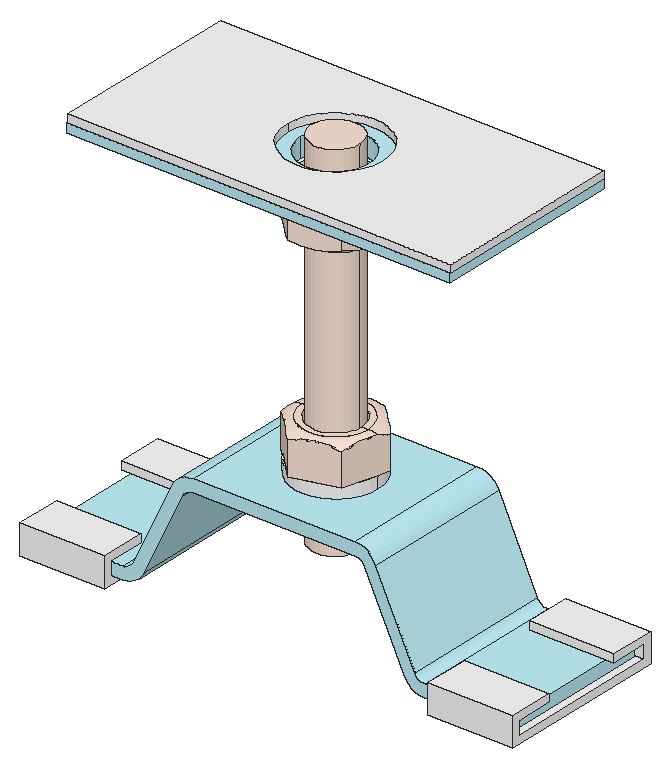
Revit family "gtqueen_stand", category 機械設備, Revit 2022
Family settings
  丸型コネクタ寸法 = 直径を使用
  種別 = なし
  パーツ タイプ = 標準
  作業面ベース = いいえ
  常に垂直 = はい
  ロード時にボイドで切り取り = いいえ
  注釈の向きを維持 = いいえ
  共有 = いいえ
  部屋計算ポイント = いいえ
Parameters
  製造元 = "株式会社桐井製作所"
  既定の高さ = 0 mm
  URL = "https://www.kirii.co.jp/"
  K_名称 = "GTクイーンスタンドタイプ"
  K_備考 = "ボルト長さ60mm~250mmまで対応"
  K_バージョン情報 = "20221212"
Reference planes
  plane 1 "中心(正面/背面)": y = 0
  plane 2: z = 0
  plane 3 "中心(左/右)": x = 0
Dimensions and locks
  aligned and locked: level to plane 2
Nested families
  nested 1: "クッションゴムGTクイーン用" at (0.038, 0, 107.3), type "クッションゴムGTクイーン用"
  nested 2: "受け金具GTクイーン用" at (0, 0, 107.3) x (1, 0, 0) z (0, 0, -1), type "受け金具GTクイーン用"
  nested 3: "1／2”ナット" at (0.076, 0, 99.1) x (1, 0, 0) z (0, 0, -1), type "1／2”ナット"
  nested 4: "1／2”スプリングワッシャー" at (-0.038, 0, 99.1), type "1／2”スプリングワッシャー"
  nested 5: "1／2”ナット" at (0.076, 0, 35.2), type "1／2”ナット"
  nested 6: "1／2”スプリングワッシャー" at (0.038, 0, 32), type "1／2”スプリングワッシャー"
  nested 7: "1／2”ボルト" at (0.038, 0, 16.105), type "1／2”ボルト"
    with K_長さ(mm) 95 mm
  nested 8: "スタンドGTクイーン(スタンドタイプ用)" at (0, 0, 0), type "スタンドGTクイーン(スタンドタイプ用)"
Definition of nested family "クッションゴムGTクイーン用"
  Parameters (values of type "クッションゴムGTクイーン用")
    Manufacturer = "株式会社桐井製作所"
    Default Elevation = 0 mm
    URL = "https://www.kirii.co.jp/"
    K_材質 = "天然ゴム"
    K_名称 = "クッションゴムGTクイーン用"
    K_単位質量(kg/個) = 0.013
    K_バージョン情報 = "20221219"
    K_JIS規格 = "JIS Ｋ 6386"
  Reference planes
    plane 1 "中心(正面/背面)": y = 0
    plane 2: z = 0
    plane 3 "中心(左/右)": x = 0
  Forms (mm)
    Extrusion 1, solid
      sketch origin (0, 0, -108.4) x (-1, 0, 0) y (0, 0, 1)
        loop
          line (50, 108.4) -> (50, 110.4) -> (-50, 110.4) -> (-50, 108.4) -> (50, 108.4)
      from -25 to 25
    Extrusion 2, void
      sketch origin (0, 0, 0) x (1, 0, 0) y (0, 1, 0)
        loop
          circle (0, 0) r 12.5
      from 0 to 2
  Cuts and joins
    Extrusion 2 cuts Extrusion 1
  Dimensions and locks
    aligned and locked: level to plane 2
Definition of nested family "受け金具GTクイーン用"
  Parameters (values of type "受け金具GTクイーン用")
    Manufacturer = "株式会社桐井製作所"
    Default Elevation = 0 mm
    URL = "https://www.kirii.co.jp/"
    K_表面処理 = "Z12以上"
    K_材質 = "溶融亜鉛めっき鋼板及び鋼帯 JIS G 3302"
    K_名称 = "GTクイーン用受け金具"
    K_単位質量(kg/個) = 0.092
    K_バージョン情報 = "20221219"
  Reference planes
    plane 1 "中心(正面/背面)": y = 0
    plane 2: z = 0
    plane 3 "中心(左/右)": x = 0
  Forms (mm)
    Extrusion 1, solid
      sketch origin (0, 0, 0) x (1, 0, 0) y (0, 0, 1)
        loop
          line (-50, 2.3) -> (-50, 0) -> (50, 0) -> (50, 2.3) -> (-50, 2.3)
      from -25 to 25
    Revolve 2, solid
      sketch origin (0, 0, 0) x (1, 0, 0) y (0, 0, 1)
        loop
          line (0, 5) -> (0, 2.3) -> (17.5, 2.3)
          arc (17.5, 2.3) -> (16.21, 4.247) -> (14, 5) r 3.619
          line (14, 5) -> (0, 5)
        axis (0, 5) -> (0, 2.3)
      angle from 0 to 360
    Extrusion 3, void
      sketch origin (0, 0, 0) x (1, 0, 0) y (0, 1, 0)
        loop
          circle (-0.139, 0) r 9
      from 0 to 5
    Extrusion 4, void
      sketch origin (0, 0, 0) x (1, 0, 0) y (0, 1, 0)
        loop
          circle (-35.139, -10) r 2
        loop
          circle (34.861, 10) r 2
      from 0 to 2.3
  Cuts and joins
    Extrusion 3, Extrusion 4 cuts Extrusion 1
    Extrusion 3, Extrusion 4 cuts Revolve 2
    joined: Extrusion 1, Revolve 2
  Dimensions and locks
    aligned and locked: level to plane 2
Definition of nested family "1／2”ナット"
  Parameters (values of type "1／2”ナット")
    Manufacturer = "株式会社桐井製作所"
    Default Elevation = 0 mm
    URL = "https://www.kirii.co.jp/"
    K_表面処理 = "JIS H 8610 電気亜鉛めっき1級以上　JIS H 8625 1級CM1A以上"
    K_材質 = "軟鋼線材 JIS G 3505 同等以上"
    K_名称 = "1/2\"ナット"
    K_単位質量(kg/個) = 0.021
    K_バージョン情報 = "20221219"
  Reference planes
    plane 1 "中心(正面/背面)": y = 0
    plane 2: z = 0
    plane 3 "中心(左/右)": x = 0
  Forms (mm)
    Revolve 1, solid
      sketch origin (0, 0, 2.36) x (1, 0, 0) y (0, 0, 1)
        loop
          line (7, 7.64) -> (7, -2.36) -> (13, -2.36) -> (13, 4.782)
          arc (13, 4.782) -> (11.208, 6.863) -> (8.573, 7.64) r 4.858
          line (8.573, 7.64) -> (7, 7.64)
        axis (0, 7.64) -> (0, -2.36)
      angle from 0 to 360
    Extrusion 2, void
      sketch origin (0, 0, 0) x (1, 0, 0) y (0, 1, 0)
        loop
          circle (0, 0) r 14
        loop
          line (3.138, 11.711) -> (-8.573, 8.573) -> (-11.711, -3.138) -> (-3.138, -11.711) -> (8.573, -8.573) -> (11.711, 3.138) -> (3.138, 11.711)
      from 0 to 10
  Cuts and joins
    Extrusion 2 cuts Revolve 1
  Dimensions and locks
    aligned and locked: level to plane 2
Definition of nested family "1／2”スプリングワッシャー"
  Parameters (values of type "1／2”スプリングワッシャー")
    Manufacturer = "株式会社桐井製作所"
    Default Elevation = 0 mm
    URL = "https://www.kirii.co.jp/"
    K_表面処理 = "JIS H 8610 電気亜鉛めっき1級以上　JIS H 8625 1級CM1A以上"
    K_材質 = "軟鋼線材 JIS G 3505 同等以上"
    K_名称 = "1/2”スプリングワッシャー"
    K_単位質量(kg/個) = 0.001
    K_バージョン情報 = "20221219"
  Reference planes
    plane 1 "中心(正面/背面)": y = 0
    plane 2: z = 0
    plane 3 "中心(左/右)": x = 0
  Forms (mm)
    Extrusion 1, solid
      sketch origin (0, 0, 0) x (1, 0, 0) y (0, 1, 0)
        loop
          circle (0, 0.162) r 11
        loop
          circle (0, 0.162) r 8
      from 0 to 3.2
  Dimensions and locks
    aligned and locked: level to plane 2
Definition of nested family "1／2”ボルト"
  Parameters (values of type "1／2”ボルト")
    Manufacturer = "株式会社桐井製作所"
    Default Elevation = 0 mm
    URL = "https://www.kirii.co.jp/"
    K_長さ(mm) [instance] = 100 mm
    K_表面処理 = "JIS H 8610 電気亜鉛めっき1級以上　JIS H 8625 1級CM1A以上"
    K_材質 = "軟鋼線材　JIS G 3505　同等以上"
    K_名称 = "1/2”ボルト"
    K_単位質量(㎏/mm) = 0.075
    K_バージョン情報 = "20221219"
  Reference planes
    plane 1 "中心(正面/背面)": y = 0
    plane 2: z = 0
    plane 3 "中心(左/右)": x = 0
  Forms (mm)
    Extrusion 1, solid
      sketch origin (0.058, 0, 0) x (1, 0, 0) y (0, 1, 0)
        loop
          circle (-0.02, 0) r 6.35
      from 0 to 100
  Dimensions and locks
    "K_長さ(mm)": Extrusion 1 to Extrusion 1
    aligned and locked: level to plane 2
  Automatic sketch dimensions
    plane 1 "中心(正面/背面)" to Extrusion 1 sketch curve = 0 mm
    plane 3 "中心(左/右)" to Extrusion 1 sketch curve = 0.038 mm
    radius of Extrusion 1 sketch curve = 6.35 mm
Definition of nested family "スタンドGTクイーン(スタンドタイプ用)"
  Parameters (values of type "スタンドGTクイーン(スタンドタイプ用)")
    Manufacturer = "株式会社桐井製作所"
    Default Elevation = 0 mm
    URL = "https://www.kirii.co.jp/"
    K_表面処理 = "Z12以上"
    K_材質 = "溶融亜鉛めっき鋼板及び鋼帯 JIS G 3302"
    K_名称 = "GTクイーン用受け金具スタンドタイプ"
    K_単位質量(kg/個) = 0.141
    K_バージョン情報 = "20221219"
  Reference planes
    plane 1 "中心(正面/背面)": y = 0
    plane 2: z = 0
    plane 3 "中心(左/右)": x = 0
  Forms (mm)
    Extrusion 1, solid
      sketch origin (0, 0, 0) x (1, 0, 0) y (0, 0, 1)
        loop
          arc (-21.051, 32) -> (-24.382, 31.029) -> (-26.669, 28.421) r 6.2
          line (-26.669, 28.421) -> (-36.692, 6.932)
          arc (-36.692, 6.932) -> (-37.799, 5.67) -> (-39.411, 5.2) r 3
          line (-39.411, 5.2) -> (-62, 5.2) -> (-62, 2) -> (-39.411, 2)
          arc (-39.411, 2) -> (-36.08, 2.971) -> (-33.792, 5.579) r 6.2
          line (-33.792, 5.579) -> (-23.769, 27.068)
          arc (-23.769, 27.068) -> (-22.662, 28.33) -> (-21.051, 28.8) r 3
          line (-21.051, 28.8) -> (21.051, 28.8)
          arc (21.051, 28.8) -> (22.662, 28.33) -> (23.769, 27.068) r 3
          line (23.769, 27.068) -> (33.792, 5.579)
          arc (33.792, 5.579) -> (36.08, 2.971) -> (39.411, 2) r 6.2
          line (39.411, 2) -> (62, 2) -> (62, 5.2) -> (39.411, 5.2)
          arc (39.411, 5.2) -> (37.799, 5.67) -> (36.692, 6.932) r 3
          line (36.692, 6.932) -> (26.669, 28.421)
          arc (26.669, 28.421) -> (24.382, 31.029) -> (21.051, 32) r 6.2
          line (21.051, 32) -> (-21.051, 32)
      from -20 to 20
    Extrusion 2, void
      sketch origin (0, 0, 0) x (1, 0, 0) y (0, 1, 0)
        loop
          circle (-0.139, 0) r 6.4
      from 28.8 to 32
    Extrusion 3, solid
      sketch origin (0, 0, 0) x (1, 0, 0) y (0, 1, 0)
        loop
          circle (-0.139, 0) r 7.25
        loop
          circle (-0.139, 0) r 6.4
      from 24.7 to 28.8
    Extrusion 4, solid
      sketch origin (0, 0, 0) x (0, 1, 0) y (0, 0, 1)
        loop
          line (10.5, 7.5) -> (10.5, 5.5) -> (20.5, 5.5) -> (20.5, 2) -> (-20.5, 2) -> (-20.5, 5.5) -> (-10.5, 5.5) -> (-10.5, 7.5) -> (-22.5, 7.5) -> (-22.5, 0) -> (22.5, 0) -> (22.5, 7.5) -> (10.5, 7.5)
      from -64.259 to -42.259
    Extrusion 5, solid
      sketch origin (106.519, 0, 0) x (0, 1, 0) y (0, 0, 1)
        loop
          line (10.5, 7.5) -> (10.5, 5.5) -> (20.5, 5.5) -> (20.5, 2) -> (-20.5, 2) -> (-20.5, 5.5) -> (-10.5, 5.5) -> (-10.5, 7.5) -> (-22.5, 7.5) -> (-22.5, 0) -> (22.5, 0) -> (22.5, 7.5) -> (10.5, 7.5)
      from -64.259 to -42.259
  Cuts and joins
    Extrusion 2 cuts Extrusion 1
    joined: Extrusion 1, Extrusion 3
  Dimensions and locks
    aligned and locked: level to plane 2
